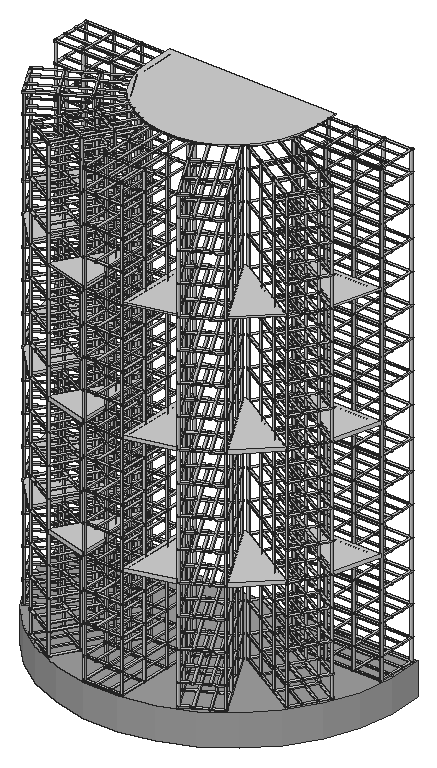
Revit family "WD26", category Specialty Equipment, Revit 2012
Parameters (values of type "Half Round Wire Wine Display (Default)")
  URL = "http://www.madixinc.com/display/maxiline/wirewine/index.html"
  Model = "Half Round Wire Wine Display"
  Manufacturer = "© 2012 Madix, Inc. All rights reserved."
Reference planes (in)
  plane 1 "Center (Front/Back)": y = 0
  plane 2: z = 0
  plane 3 "Center (Left/Right)": x = 0
  plane 4: x = 2.5
  plane 5: x = -2.5
  plane 6: through (0, 0, 48) normal (0.866, -0.5, 0)
  plane 7: y = -2.5
  plane 8: y = 2.5
  plane 9: through (0, 0, 48) normal (0.5, 0.866, 0)
  plane 10: through (0, 0, 48) normal (0.866, 0.5, 0)
  plane 11: through (2.16506, -1.25, 48) normal (0.866, -0.5, 0)
  plane 12: through (-2.16506, 1.25, 48) normal (0.866, -0.5, 0)
  plane 13: through (1.25, -2.16506, 48) normal (0.5, -0.866, 0)
  plane 14: through (-1.25, 2.16506, 48) normal (0.5, -0.866, 0)
  plane 15: through (-2.16506, -1.25, 48) normal (0.866, 0.5, 0)
  plane 16: through (2.16506, 1.25, 48) normal (0.866, 0.5, 0)
  plane 17: through (-1.25, -2.16506, 48) normal (0.5, 0.866, 0)
  plane 18: through (1.25, 2.16506, 48) normal (0.5, 0.866, 0)
  plane 19: z = 62
  plane 20: z = 62.125
  plane 21: z = 4
  plane 22: z = 18.5
  plane 23: z = 33
  plane 24: z = 48
  plane 25: z = 48.5
  plane 26: z = 33.5
  plane 27: z = 18
Forms (in)
  Extrusion 1, solid, material "Wood"
    sketch origin (0, 0, 0) x (1, 0, 0) y (0, 1, 0)
      loop
        arc (-20.78182, 3.0193) -> (0, -21) -> (20.78182, 3.0193) r 21
        line (20.78182, 3.0193) -> (-20.78182, 3.0193)
    from 0 to 4
  Extrusion 2, solid, material "Metal - Steel"
    sketch origin (0, 0, 0) x (1, 0, 0) y (0, 1, 0)
      loop
        line (10.46685, 0) -> (10.46685, 3) -> (-10.46685, 3) -> (-10.46685, 0)
        arc (-10.46685, 0) -> (0, -10.46685) -> (10.46685, 0) r 10.46685
    from 62 to 62.125
  Extrusion 3, solid, material "Metal - Steel"
    sketch origin (0, 0, 0) x (1, 0, 0) y (0, 1, 0)
      loop
        line (-9.85868, -2.80516) -> (-9.94045, -2.5) -> (-20.59885, -2.5) -> (-19.08912, -8.13436) -> (-9.85868, -2.80516)
      loop
        line (-7.35868, -7.13529) -> (-16.58912, -12.46449) -> (-12.46449, -16.58912) -> (-7.13529, -7.35868) -> (-7.35868, -7.13529)
      loop
        line (-2.5, -9.94045) -> (-2.80516, -9.85868) -> (-8.13436, -19.08912) -> (-2.5, -20.59885) -> (-2.5, -9.94045)
      loop
        line (2.5, -9.94045) -> (2.5, -20.59885) -> (8.13436, -19.08912) -> (2.80516, -9.85868) -> (2.5, -9.94045)
      loop
        line (7.35868, -7.13529) -> (7.13529, -7.35868) -> (12.46449, -16.58912) -> (16.58912, -12.46449) -> (7.35868, -7.13529)
      loop
        line (9.85868, -2.80516) -> (19.08912, -8.13436) -> (20.59885, -2.5) -> (9.94045, -2.5) -> (9.85868, -2.80516)
    from 48.2674 to 48.5
  Extrusion 4, solid, material "Metal - Steel"
    sketch origin (0, 0, 0) x (1, 0, 0) y (0, 1, 0)
      loop
        line (9.85868, -2.80516) -> (19.08912, -8.13436) -> (20.59885, -2.5) -> (9.94045, -2.5) -> (9.85868, -2.80516)
      loop
        line (7.35868, -7.13529) -> (7.13529, -7.35868) -> (12.46449, -16.58912) -> (16.58912, -12.46449) -> (7.35868, -7.13529)
      loop
        line (2.5, -9.94045) -> (2.5, -20.59885) -> (8.13436, -19.08912) -> (2.80516, -9.85868) -> (2.5, -9.94045)
      loop
        line (-2.5, -9.94045) -> (-2.80516, -9.85868) -> (-8.13436, -19.08912) -> (-2.5, -20.59885) -> (-2.5, -9.94045)
      loop
        line (-7.35868, -7.13529) -> (-16.58912, -12.46449) -> (-12.46449, -16.58912) -> (-7.13529, -7.35868) -> (-7.35868, -7.13529)
      loop
        line (-9.85868, -2.80516) -> (-9.94045, -2.5) -> (-20.59885, -2.5) -> (-19.08912, -8.13436) -> (-9.85868, -2.80516)
    from 33.5 to 33
  Extrusion 5, solid, material "Metal - Steel"
    sketch origin (0, 0, 0) x (1, 0, 0) y (0, 1, 0)
      loop
        line (20.59885, -2.5) -> (9.94045, -2.5) -> (9.85868, -2.80516) -> (19.08912, -8.13436) -> (20.59885, -2.5)
      loop
        line (12.46449, -16.58912) -> (16.58912, -12.46449) -> (7.35868, -7.13529) -> (7.13529, -7.35868) -> (12.46449, -16.58912)
      loop
        line (8.13436, -19.08912) -> (2.80516, -9.85868) -> (2.5, -9.94045) -> (2.5, -20.59885) -> (8.13436, -19.08912)
      loop
        line (-8.13436, -19.08912) -> (-2.5, -20.59885) -> (-2.5, -9.94045) -> (-2.80516, -9.85868) -> (-8.13436, -19.08912)
      loop
        line (-12.46449, -16.58912) -> (-7.13529, -7.35868) -> (-7.35868, -7.13529) -> (-16.58912, -12.46449) -> (-12.46449, -16.58912)
      loop
        line (-20.59885, -2.5) -> (-19.08912, -8.13436) -> (-9.85868, -2.80516) -> (-9.94045, -2.5) -> (-20.59885, -2.5)
    from 18 to 18.5
  Extrusion 6, solid, material "Metal - Steel"
    sketch origin (0, 0, 0) x (1, 0, 0) y (0, 1, 0)
      loop
        circle (7.08953, -7.52943) r 0.125
      loop
        circle (12.30113, -16.55618) r 0.125
      loop
        circle (10.55113, -13.52509) r 0.125
      loop
        circle (8.77703, -10.45227) r 0.125
      loop
        circle (2.97591, -9.90443) r 0.125
      loop
        circle (8.18751, -18.93118) r 0.125
      loop
        circle (6.43751, -15.90009) r 0.125
      loop
        circle (4.66341, -12.82727) r 0.125
      loop
        circle (-7.08953, -7.52943) r 0.125
      loop
        circle (-12.30113, -16.55618) r 0.125
      loop
        circle (-10.55113, -13.52509) r 0.125
      loop
        circle (-8.77703, -10.45227) r 0.125
      loop
        circle (-2.97591, -9.90443) r 0.125
      loop
        circle (-8.18751, -18.93118) r 0.125
      loop
        circle (-6.43751, -15.90009) r 0.125
      loop
        circle (-4.66341, -12.82727) r 0.125
      loop
        circle (-10.06545, -2.375) r 0.125
      loop
        circle (-20.48863, -2.375) r 0.125
      loop
        circle (-16.98863, -2.375) r 0.125
      loop
        circle (-13.44045, -2.375) r 0.125
      loop
        circle (-10.06545, 2.375) r 0.125
      loop
        circle (-20.48863, 2.375) r 0.125
      loop
        circle (-16.98863, 2.375) r 0.125
      loop
        circle (-13.44045, 2.375) r 0.125
      loop
        circle (10.06545, -2.375) r 0.125
      loop
        circle (20.48863, -2.375) r 0.125
      loop
        circle (16.98863, -2.375) r 0.125
      loop
        circle (13.44045, -2.375) r 0.125
      loop
        circle (10.06545, 2.375) r 0.125
      loop
        circle (20.48863, 2.375) r 0.125
      loop
        circle (16.98863, 2.375) r 0.125
      loop
        circle (13.44045, 2.375) r 0.125
      loop
        circle (-9.92293, -2.98659) r 0.125
      loop
        circle (-18.94968, -8.19819) r 0.125
      loop
        circle (-15.91859, -6.44819) r 0.125
      loop
        circle (-12.84577, -4.67409) r 0.125
      loop
        circle (-7.54793, -7.10021) r 0.125
      loop
        circle (-16.57468, -12.31181) r 0.125
      loop
        circle (-13.54359, -10.56181) r 0.125
      loop
        circle (-10.47077, -8.78771) r 0.125
      loop
        circle (2.375, -10.08681) r 0.125
      loop
        circle (2.375, -20.50999) r 0.125
      loop
        circle (2.375, -17.00999) r 0.125
      loop
        circle (2.375, -13.46181) r 0.125
      loop
        circle (-2.375, -10.08681) r 0.125
      loop
        circle (-2.375, -20.50999) r 0.125
      loop
        circle (-2.375, -17.00999) r 0.125
      loop
        circle (-2.375, -13.46181) r 0.125
      loop
        circle (7.54793, -7.10021) r 0.125
      loop
        circle (16.57468, -12.31181) r 0.125
      loop
        circle (13.54359, -10.56181) r 0.125
      loop
        circle (10.47077, -8.78771) r 0.125
      loop
        circle (9.92293, -2.98659) r 0.125
      loop
        circle (18.94968, -8.19819) r 0.125
      loop
        circle (15.91859, -6.44819) r 0.125
      loop
        circle (12.84577, -4.67409) r 0.125
    from 4 to 62
  Sweep 7, solid, material "Metal - Steel"
    path origin (-0.02064, 0, 0) x (0, 1, 0) y (1, 0, 0)
      loop
        line (-2.5, 20.59885) -> (2.5, 20.59885)
    profile origin (20.57821, 0, 0) x (-1, 0, 0) y (0, 0, 1)
      loop
        circle (10.51322, 4.125) r 0.125
      loop
        circle (7.01322, 4.125) r 0.12412
      loop
        circle (3.46385, 4.125) r 0.125
      loop
        circle (0.08885, 4.125) r 0.125
      loop
        circle (10.51322, 6.875) r 0.125
      loop
        circle (7.01322, 6.875) r 0.12412
      loop
        circle (3.46385, 6.875) r 0.125
      loop
        circle (0.08885, 6.875) r 0.125
      loop
        circle (10.51322, 10.625) r 0.125
      loop
        circle (7.01322, 10.625) r 0.12412
      loop
        circle (3.46385, 10.625) r 0.125
      loop
        circle (0.08885, 10.625) r 0.125
      loop
        circle (10.51322, 14.375) r 0.125
      loop
        circle (7.01322, 14.375) r 0.12412
      loop
        circle (3.46385, 14.375) r 0.125
      loop
        circle (0.08885, 14.375) r 0.125
      loop
        circle (10.51322, 18.125) r 0.125
      loop
        circle (7.01322, 18.125) r 0.12412
      loop
        circle (3.46385, 18.125) r 0.125
      loop
        circle (0.08885, 18.125) r 0.125
      loop
        circle (10.51322, 21.875) r 0.125
      loop
        circle (7.01322, 21.875) r 0.12412
      loop
        circle (3.46385, 21.875) r 0.125
      loop
        circle (0.08885, 21.875) r 0.125
      loop
        circle (10.51322, 25.625) r 0.125
      loop
        circle (7.01322, 25.625) r 0.12412
      loop
        circle (3.46385, 25.625) r 0.125
      loop
        circle (0.08885, 25.625) r 0.125
      loop
        circle (10.51322, 29.375) r 0.125
      loop
        circle (7.01322, 29.375) r 0.12412
      loop
        circle (3.46385, 29.375) r 0.125
      loop
        circle (0.08885, 29.375) r 0.125
      loop
        circle (10.51322, 33.125) r 0.125
      loop
        circle (7.01322, 33.125) r 0.12412
      loop
        circle (3.46385, 33.125) r 0.125
      loop
        circle (0.08885, 33.125) r 0.125
      loop
        circle (10.51322, 36.875) r 0.125
      loop
        circle (7.01322, 36.875) r 0.12412
      loop
        circle (3.46385, 36.875) r 0.125
      loop
        circle (0.08885, 36.875) r 0.125
      loop
        circle (10.51322, 40.625) r 0.125
      loop
        circle (7.01322, 40.625) r 0.12412
      loop
        circle (3.46385, 40.625) r 0.125
      loop
        circle (0.08885, 40.625) r 0.125
      loop
        circle (10.51322, 44.375) r 0.125
      loop
        circle (7.01322, 44.375) r 0.12412
      loop
        circle (3.46385, 44.375) r 0.125
      loop
        circle (0.08885, 44.375) r 0.125
      loop
        circle (10.51322, 48.125) r 0.125
      loop
        circle (7.01322, 48.125) r 0.12412
      loop
        circle (3.46385, 48.125) r 0.125
      loop
        circle (0.08885, 48.125) r 0.125
      loop
        circle (10.51322, 51.875) r 0.125
      loop
        circle (7.01322, 51.875) r 0.12412
      loop
        circle (3.46385, 51.875) r 0.125
      loop
        circle (0.08885, 51.875) r 0.125
      loop
        circle (10.51322, 55.625) r 0.125
      loop
        circle (7.01322, 55.625) r 0.12412
      loop
        circle (3.46385, 55.625) r 0.125
      loop
        circle (0.08885, 55.625) r 0.125
      loop
        circle (10.51322, 59.375) r 0.125
      loop
        circle (7.01322, 59.375) r 0.12412
      loop
        circle (3.46385, 59.375) r 0.125
      loop
        circle (0.08885, 59.375) r 0.125
      loop
        circle (10.51322, 61.875) r 0.125
      loop
        circle (7.01322, 61.875) r 0.12412
      loop
        circle (3.46385, 61.875) r 0.125
      loop
        circle (0.08885, 61.875) r 0.125
  Sweep 8, solid, material "Metal - Steel"
    path origin (0, 0, 0) x (-1, 0, 0) y (0, -1, 0)
      loop
        line (-2.5, 20.59885) -> (2.5, 20.59885)
    profile origin (0, -20.59885, 0) x (0, -1, 0) y (0, 0, 1)
      loop
        circle (-10.51322, 4.125) r 0.125
      loop
        circle (-7.01322, 4.125) r 0.12412
      loop
        circle (-3.46385, 4.125) r 0.125
      loop
        circle (-0.08885, 4.125) r 0.125
      loop
        circle (-10.51322, 6.875) r 0.125
      loop
        circle (-7.01322, 6.875) r 0.12412
      loop
        circle (-3.46385, 6.875) r 0.125
      loop
        circle (-0.08885, 6.875) r 0.125
      loop
        circle (-10.51322, 10.625) r 0.125
      loop
        circle (-7.01322, 10.625) r 0.12412
      loop
        circle (-3.46385, 10.625) r 0.125
      loop
        circle (-0.08885, 10.625) r 0.125
      loop
        circle (-10.51322, 14.375) r 0.125
      loop
        circle (-7.01322, 14.375) r 0.12412
      loop
        circle (-3.46385, 14.375) r 0.125
      loop
        circle (-0.08885, 14.375) r 0.125
      loop
        circle (-10.51322, 18.125) r 0.125
      loop
        circle (-7.01322, 18.125) r 0.12412
      loop
        circle (-3.46385, 18.125) r 0.125
      loop
        circle (-0.08885, 18.125) r 0.125
      loop
        circle (-10.51322, 21.875) r 0.125
      loop
        circle (-7.01322, 21.875) r 0.12412
      loop
        circle (-3.46385, 21.875) r 0.125
      loop
        circle (-0.08885, 21.875) r 0.125
      loop
        circle (-10.51322, 25.625) r 0.125
      loop
        circle (-7.01322, 25.625) r 0.12412
      loop
        circle (-3.46385, 25.625) r 0.125
      loop
        circle (-0.08885, 25.625) r 0.125
      loop
        circle (-10.51322, 29.375) r 0.125
      loop
        circle (-7.01322, 29.375) r 0.12412
      loop
        circle (-3.46385, 29.375) r 0.125
      loop
        circle (-0.08885, 29.375) r 0.125
      loop
        circle (-10.51322, 33.125) r 0.125
      loop
        circle (-7.01322, 33.125) r 0.12412
      loop
        circle (-3.46385, 33.125) r 0.125
      loop
        circle (-0.08885, 33.125) r 0.125
      loop
        circle (-10.51322, 36.875) r 0.125
      loop
        circle (-7.01322, 36.875) r 0.12412
      loop
        circle (-3.46385, 36.875) r 0.125
      loop
        circle (-0.08885, 36.875) r 0.125
      loop
        circle (-10.51322, 40.625) r 0.125
      loop
        circle (-7.01322, 40.625) r 0.12412
      loop
        circle (-3.46385, 40.625) r 0.125
      loop
        circle (-0.08885, 40.625) r 0.125
      loop
        circle (-10.51322, 44.375) r 0.125
      loop
        circle (-7.01322, 44.375) r 0.12412
      loop
        circle (-3.46385, 44.375) r 0.125
      loop
        circle (-0.08885, 44.375) r 0.125
      loop
        circle (-10.51322, 48.125) r 0.125
      loop
        circle (-7.01322, 48.125) r 0.12412
      loop
        circle (-3.46385, 48.125) r 0.125
      loop
        circle (-0.08885, 48.125) r 0.125
      loop
        circle (-10.51322, 51.875) r 0.125
      loop
        circle (-7.01322, 51.875) r 0.12412
      loop
        circle (-3.46385, 51.875) r 0.125
      loop
        circle (-0.08885, 51.875) r 0.125
      loop
        circle (-10.51322, 55.625) r 0.125
      loop
        circle (-7.01322, 55.625) r 0.12412
      loop
        circle (-3.46385, 55.625) r 0.125
      loop
        circle (-0.08885, 55.625) r 0.125
      loop
        circle (-10.51322, 59.375) r 0.125
      loop
        circle (-7.01322, 59.375) r 0.12412
      loop
        circle (-3.46385, 59.375) r 0.125
      loop
        circle (-0.08885, 59.375) r 0.125
      loop
        circle (-10.51322, 61.875) r 0.125
      loop
        circle (-7.01322, 61.875) r 0.12412
      loop
        circle (-3.46385, 61.875) r 0.125
      loop
        circle (-0.08885, 61.875) r 0.125
  Sweep 9, solid, material "Metal - Steel"
    path origin (-0.01032, 0.01787, 0) x (-0.866025, -0.5, 0) y (0.5, -0.866025, 0)
      loop
        line (-2.5, 20.59885) -> (2.5, 20.59885)
    profile origin (10.28911, -17.82125, 0) x (0.5, -0.866025, 0) y (0, 0, 1)
      loop
        circle (-10.51322, 4.125) r 0.125
      loop
        circle (-7.01322, 4.125) r 0.12412
      loop
        circle (-3.46385, 4.125) r 0.125
      loop
        circle (-0.08885, 4.125) r 0.125
      loop
        circle (-10.51322, 6.875) r 0.125
      loop
        circle (-7.01322, 6.875) r 0.12412
      loop
        circle (-3.46385, 6.875) r 0.125
      loop
        circle (-0.08885, 6.875) r 0.125
      loop
        circle (-10.51322, 10.625) r 0.125
      loop
        circle (-7.01322, 10.625) r 0.12412
      loop
        circle (-3.46385, 10.625) r 0.125
      loop
        circle (-0.08885, 10.625) r 0.125
      loop
        circle (-10.51322, 14.375) r 0.125
      loop
        circle (-7.01322, 14.375) r 0.12412
      loop
        circle (-3.46385, 14.375) r 0.125
      loop
        circle (-0.08885, 14.375) r 0.125
      loop
        circle (-10.51322, 18.125) r 0.125
      loop
        circle (-7.01322, 18.125) r 0.12412
      loop
        circle (-3.46385, 18.125) r 0.125
      loop
        circle (-0.08885, 18.125) r 0.125
      loop
        circle (-10.51322, 21.875) r 0.125
      loop
        circle (-7.01322, 21.875) r 0.12412
      loop
        circle (-3.46385, 21.875) r 0.125
      loop
        circle (-0.08885, 21.875) r 0.125
      loop
        circle (-10.51322, 25.625) r 0.125
      loop
        circle (-7.01322, 25.625) r 0.12412
      loop
        circle (-3.46385, 25.625) r 0.125
      loop
        circle (-0.08885, 25.625) r 0.125
      loop
        circle (-10.51322, 29.375) r 0.125
      loop
        circle (-7.01322, 29.375) r 0.12412
      loop
        circle (-3.46385, 29.375) r 0.125
      loop
        circle (-0.08885, 29.375) r 0.125
      loop
        circle (-10.51322, 33.125) r 0.125
      loop
        circle (-7.01322, 33.125) r 0.12412
      loop
        circle (-3.46385, 33.125) r 0.125
      loop
        circle (-0.08885, 33.125) r 0.125
      loop
        circle (-10.51322, 36.875) r 0.125
      loop
        circle (-7.01322, 36.875) r 0.12412
      loop
        circle (-3.46385, 36.875) r 0.125
      loop
        circle (-0.08885, 36.875) r 0.125
      loop
        circle (-10.51322, 40.625) r 0.125
      loop
        circle (-7.01322, 40.625) r 0.12412
      loop
        circle (-3.46385, 40.625) r 0.125
      loop
        circle (-0.08885, 40.625) r 0.125
      loop
        circle (-10.51322, 44.375) r 0.125
      loop
        circle (-7.01322, 44.375) r 0.12412
      loop
        circle (-3.46385, 44.375) r 0.125
      loop
        circle (-0.08885, 44.375) r 0.125
      loop
        circle (-10.51322, 48.125) r 0.125
      loop
        circle (-7.01322, 48.125) r 0.12412
      loop
        circle (-3.46385, 48.125) r 0.125
      loop
        circle (-0.08885, 48.125) r 0.125
      loop
        circle (-10.51322, 51.875) r 0.125
      loop
        circle (-7.01322, 51.875) r 0.12412
      loop
        circle (-3.46385, 51.875) r 0.125
      loop
        circle (-0.08885, 51.875) r 0.125
      loop
        circle (-10.51322, 55.625) r 0.125
      loop
        circle (-7.01322, 55.625) r 0.12412
      loop
        circle (-3.46385, 55.625) r 0.125
      loop
        circle (-0.08885, 55.625) r 0.125
      loop
        circle (-10.51322, 59.375) r 0.125
      loop
        circle (-7.01322, 59.375) r 0.12412
      loop
        circle (-3.46385, 59.375) r 0.125
      loop
        circle (-0.08885, 59.375) r 0.125
      loop
        circle (-10.51322, 61.875) r 0.125
      loop
        circle (-7.01322, 61.875) r 0.12412
      loop
        circle (-3.46385, 61.875) r 0.125
      loop
        circle (-0.08885, 61.875) r 0.125
  Sweep 10, solid, material "Metal - Steel"
    path origin (0, 0, 0) x (0.5, -0.866025, 0) y (-0.866025, -0.5, 0)
      loop
        line (-2.5, 20.59885) -> (2.5, 20.59885)
    profile origin (-17.83912, -10.29942, 0) x (0.866025, 0.5, 0) y (0, 0, 1)
      loop
        circle (10.51322, 4.125) r 0.125
      loop
        circle (7.01322, 4.125) r 0.12412
      loop
        circle (3.46385, 4.125) r 0.125
      loop
        circle (0.08885, 4.125) r 0.125
      loop
        circle (10.51322, 6.875) r 0.125
      loop
        circle (7.01322, 6.875) r 0.12412
      loop
        circle (3.46385, 6.875) r 0.125
      loop
        circle (0.08885, 6.875) r 0.125
      loop
        circle (10.51322, 10.625) r 0.125
      loop
        circle (7.01322, 10.625) r 0.12412
      loop
        circle (3.46385, 10.625) r 0.125
      loop
        circle (0.08885, 10.625) r 0.125
      loop
        circle (10.51322, 14.375) r 0.125
      loop
        circle (7.01322, 14.375) r 0.12412
      loop
        circle (3.46385, 14.375) r 0.125
      loop
        circle (0.08885, 14.375) r 0.125
      loop
        circle (10.51322, 18.125) r 0.125
      loop
        circle (7.01322, 18.125) r 0.12412
      loop
        circle (3.46385, 18.125) r 0.125
      loop
        circle (0.08885, 18.125) r 0.125
      loop
        circle (10.51322, 21.875) r 0.125
      loop
        circle (7.01322, 21.875) r 0.12412
      loop
        circle (3.46385, 21.875) r 0.125
      loop
        circle (0.08885, 21.875) r 0.125
      loop
        circle (10.51322, 25.625) r 0.125
      loop
        circle (7.01322, 25.625) r 0.12412
      loop
        circle (3.46385, 25.625) r 0.125
      loop
        circle (0.08885, 25.625) r 0.125
      loop
        circle (10.51322, 29.375) r 0.125
      loop
        circle (7.01322, 29.375) r 0.12412
      loop
        circle (3.46385, 29.375) r 0.125
      loop
        circle (0.08885, 29.375) r 0.125
      loop
        circle (10.51322, 33.125) r 0.125
      loop
        circle (7.01322, 33.125) r 0.12412
      loop
        circle (3.46385, 33.125) r 0.125
      loop
        circle (0.08885, 33.125) r 0.125
      loop
        circle (10.51322, 36.875) r 0.125
      loop
        circle (7.01322, 36.875) r 0.12412
      loop
        circle (3.46385, 36.875) r 0.125
      loop
        circle (0.08885, 36.875) r 0.125
      loop
        circle (10.51322, 40.625) r 0.125
      loop
        circle (7.01322, 40.625) r 0.12412
      loop
        circle (3.46385, 40.625) r 0.125
      loop
        circle (0.08885, 40.625) r 0.125
      loop
        circle (10.51322, 44.375) r 0.125
      loop
        circle (7.01322, 44.375) r 0.12412
      loop
        circle (3.46385, 44.375) r 0.125
      loop
        circle (0.08885, 44.375) r 0.125
      loop
        circle (10.51322, 48.125) r 0.125
      loop
        circle (7.01322, 48.125) r 0.12412
      loop
        circle (3.46385, 48.125) r 0.125
      loop
        circle (0.08885, 48.125) r 0.125
      loop
        circle (10.51322, 51.875) r 0.125
      loop
        circle (7.01322, 51.875) r 0.12412
      loop
        circle (3.46385, 51.875) r 0.125
      loop
        circle (0.08885, 51.875) r 0.125
      loop
        circle (10.51322, 55.625) r 0.125
      loop
        circle (7.01322, 55.625) r 0.12412
      loop
        circle (3.46385, 55.625) r 0.125
      loop
        circle (0.08885, 55.625) r 0.125
      loop
        circle (10.51322, 59.375) r 0.125
      loop
        circle (7.01322, 59.375) r 0.12412
      loop
        circle (3.46385, 59.375) r 0.125
      loop
        circle (0.08885, 59.375) r 0.125
      loop
        circle (10.51322, 61.875) r 0.125
      loop
        circle (7.01322, 61.875) r 0.12412
      loop
        circle (3.46385, 61.875) r 0.125
      loop
        circle (0.08885, 61.875) r 0.125
  Sweep 11, solid, material "Metal - Steel"
    path origin (0.02064, 0, 0) x (0, -1, 0) y (-1, 0, 0)
      loop
        line (-2.5, 20.59885) -> (2.5, 20.59885)
    profile origin (-20.57821, 0, 0) x (1, 0, 0) y (0, 0, 1)
      loop
        circle (10.51322, 4.125) r 0.125
      loop
        circle (7.01322, 4.125) r 0.12412
      loop
        circle (3.46385, 4.125) r 0.125
      loop
        circle (0.08885, 4.125) r 0.125
      loop
        circle (10.51322, 6.875) r 0.125
      loop
        circle (7.01322, 6.875) r 0.12412
      loop
        circle (3.46385, 6.875) r 0.125
      loop
        circle (0.08885, 6.875) r 0.125
      loop
        circle (10.51322, 10.625) r 0.125
      loop
        circle (7.01322, 10.625) r 0.12412
      loop
        circle (3.46385, 10.625) r 0.125
      loop
        circle (0.08885, 10.625) r 0.125
      loop
        circle (10.51322, 14.375) r 0.125
      loop
        circle (7.01322, 14.375) r 0.12412
      loop
        circle (3.46385, 14.375) r 0.125
      loop
        circle (0.08885, 14.375) r 0.125
      loop
        circle (10.51322, 18.125) r 0.125
      loop
        circle (7.01322, 18.125) r 0.12412
      loop
        circle (3.46385, 18.125) r 0.125
      loop
        circle (0.08885, 18.125) r 0.125
      loop
        circle (10.51322, 21.875) r 0.125
      loop
        circle (7.01322, 21.875) r 0.12412
      loop
        circle (3.46385, 21.875) r 0.125
      loop
        circle (0.08885, 21.875) r 0.125
      loop
        circle (10.51322, 25.625) r 0.125
      loop
        circle (7.01322, 25.625) r 0.12412
      loop
        circle (3.46385, 25.625) r 0.125
      loop
        circle (0.08885, 25.625) r 0.125
      loop
        circle (10.51322, 29.375) r 0.125
      loop
        circle (7.01322, 29.375) r 0.12412
      loop
        circle (3.46385, 29.375) r 0.125
      loop
        circle (0.08885, 29.375) r 0.125
      loop
        circle (10.51322, 33.125) r 0.125
      loop
        circle (7.01322, 33.125) r 0.12412
      loop
        circle (3.46385, 33.125) r 0.125
      loop
        circle (0.08885, 33.125) r 0.125
      loop
        circle (10.51322, 36.875) r 0.125
      loop
        circle (7.01322, 36.875) r 0.12412
      loop
        circle (3.46385, 36.875) r 0.125
      loop
        circle (0.08885, 36.875) r 0.125
      loop
        circle (10.51322, 40.625) r 0.125
      loop
        circle (7.01322, 40.625) r 0.12412
      loop
        circle (3.46385, 40.625) r 0.125
      loop
        circle (0.08885, 40.625) r 0.125
      loop
        circle (10.51322, 44.375) r 0.125
      loop
        circle (7.01322, 44.375) r 0.12412
      loop
        circle (3.46385, 44.375) r 0.125
      loop
        circle (0.08885, 44.375) r 0.125
      loop
        circle (10.51322, 48.125) r 0.125
      loop
        circle (7.01322, 48.125) r 0.12412
      loop
        circle (3.46385, 48.125) r 0.125
      loop
        circle (0.08885, 48.125) r 0.125
      loop
        circle (10.51322, 51.875) r 0.125
      loop
        circle (7.01322, 51.875) r 0.12412
      loop
        circle (3.46385, 51.875) r 0.125
      loop
        circle (0.08885, 51.875) r 0.125
      loop
        circle (10.51322, 55.625) r 0.125
      loop
        circle (7.01322, 55.625) r 0.12412
      loop
        circle (3.46385, 55.625) r 0.125
      loop
        circle (0.08885, 55.625) r 0.125
      loop
        circle (10.51322, 59.375) r 0.125
      loop
        circle (7.01322, 59.375) r 0.12412
      loop
        circle (3.46385, 59.375) r 0.125
      loop
        circle (0.08885, 59.375) r 0.125
      loop
        circle (10.51322, 61.875) r 0.125
      loop
        circle (7.01322, 61.875) r 0.12412
      loop
        circle (3.46385, 61.875) r 0.125
      loop
        circle (0.08885, 61.875) r 0.125
  Sweep 12, solid, material "Metal - Steel"
    path origin (0, 0, 0) x (-0.5, -0.866025, 0) y (0.866025, -0.5, 0)
      loop
        line (-2.5, 20.59885) -> (2.5, 20.59885)
    profile origin (17.83912, -10.29942, 0) x (0.866025, -0.5, 0) y (0, 0, 1)
      loop
        circle (-10.51322, 4.125) r 0.125
      loop
        circle (-7.01322, 4.125) r 0.12412
      loop
        circle (-3.46385, 4.125) r 0.125
      loop
        circle (-0.08885, 4.125) r 0.125
      loop
        circle (-10.51322, 6.875) r 0.125
      loop
        circle (-7.01322, 6.875) r 0.12412
      loop
        circle (-3.46385, 6.875) r 0.125
      loop
        circle (-0.08885, 6.875) r 0.125
      loop
        circle (-10.51322, 10.625) r 0.125
      loop
        circle (-7.01322, 10.625) r 0.12412
      loop
        circle (-3.46385, 10.625) r 0.125
      loop
        circle (-0.08885, 10.625) r 0.125
      loop
        circle (-10.51322, 14.375) r 0.125
      loop
        circle (-7.01322, 14.375) r 0.12412
      loop
        circle (-3.46385, 14.375) r 0.125
      loop
        circle (-0.08885, 14.375) r 0.125
      loop
        circle (-10.51322, 18.125) r 0.125
      loop
        circle (-7.01322, 18.125) r 0.12412
      loop
        circle (-3.46385, 18.125) r 0.125
      loop
        circle (-0.08885, 18.125) r 0.125
      loop
        circle (-10.51322, 21.875) r 0.125
      loop
        circle (-7.01322, 21.875) r 0.12412
      loop
        circle (-3.46385, 21.875) r 0.125
      loop
        circle (-0.08885, 21.875) r 0.125
      loop
        circle (-10.51322, 25.625) r 0.125
      loop
        circle (-7.01322, 25.625) r 0.12412
      loop
        circle (-3.46385, 25.625) r 0.125
      loop
        circle (-0.08885, 25.625) r 0.125
      loop
        circle (-10.51322, 29.375) r 0.125
      loop
        circle (-7.01322, 29.375) r 0.12412
      loop
        circle (-3.46385, 29.375) r 0.125
      loop
        circle (-0.08885, 29.375) r 0.125
      loop
        circle (-10.51322, 33.125) r 0.125
      loop
        circle (-7.01322, 33.125) r 0.12412
      loop
        circle (-3.46385, 33.125) r 0.125
      loop
        circle (-0.08885, 33.125) r 0.125
      loop
        circle (-10.51322, 36.875) r 0.125
      loop
        circle (-7.01322, 36.875) r 0.12412
      loop
        circle (-3.46385, 36.875) r 0.125
      loop
        circle (-0.08885, 36.875) r 0.125
      loop
        circle (-10.51322, 40.625) r 0.125
      loop
        circle (-7.01322, 40.625) r 0.12412
      loop
        circle (-3.46385, 40.625) r 0.125
      loop
        circle (-0.08885, 40.625) r 0.125
      loop
        circle (-10.51322, 44.375) r 0.125
      loop
        circle (-7.01322, 44.375) r 0.12412
      loop
        circle (-3.46385, 44.375) r 0.125
      loop
        circle (-0.08885, 44.375) r 0.125
      loop
        circle (-10.51322, 48.125) r 0.125
      loop
        circle (-7.01322, 48.125) r 0.12412
      loop
        circle (-3.46385, 48.125) r 0.125
      loop
        circle (-0.08885, 48.125) r 0.125
      loop
        circle (-10.51322, 51.875) r 0.125
      loop
        circle (-7.01322, 51.875) r 0.12412
      loop
        circle (-3.46385, 51.875) r 0.125
      loop
        circle (-0.08885, 51.875) r 0.125
      loop
        circle (-10.51322, 55.625) r 0.125
      loop
        circle (-7.01322, 55.625) r 0.12412
      loop
        circle (-3.46385, 55.625) r 0.125
      loop
        circle (-0.08885, 55.625) r 0.125
      loop
        circle (-10.51322, 59.375) r 0.125
      loop
        circle (-7.01322, 59.375) r 0.12412
      loop
        circle (-3.46385, 59.375) r 0.125
      loop
        circle (-0.08885, 59.375) r 0.125
      loop
        circle (-10.51322, 61.875) r 0.125
      loop
        circle (-7.01322, 61.875) r 0.12412
      loop
        circle (-3.46385, 61.875) r 0.125
      loop
        circle (-0.08885, 61.875) r 0.125
  Sweep 13, solid, material "Metal - Steel"
    path origin (0.01032, 0.01787, 0) x (0.866025, -0.5, 0) y (-0.5, -0.866025, 0)
      loop
        line (-2.5, 20.59885) -> (2.5, 20.59885)
    profile origin (-10.28911, -17.82125, 0) x (0.5, 0.866025, 0) y (0, 0, 1)
      loop
        circle (10.51322, 4.125) r 0.125
      loop
        circle (7.01322, 4.125) r 0.12412
      loop
        circle (3.46385, 4.125) r 0.125
      loop
        circle (0.08885, 4.125) r 0.125
      loop
        circle (10.51322, 6.875) r 0.125
      loop
        circle (7.01322, 6.875) r 0.12412
      loop
        circle (3.46385, 6.875) r 0.125
      loop
        circle (0.08885, 6.875) r 0.125
      loop
        circle (10.51322, 10.625) r 0.125
      loop
        circle (7.01322, 10.625) r 0.12412
      loop
        circle (3.46385, 10.625) r 0.125
      loop
        circle (0.08885, 10.625) r 0.125
      loop
        circle (10.51322, 14.375) r 0.125
      loop
        circle (7.01322, 14.375) r 0.12412
      loop
        circle (3.46385, 14.375) r 0.125
      loop
        circle (0.08885, 14.375) r 0.125
      loop
        circle (10.51322, 18.125) r 0.125
      loop
        circle (7.01322, 18.125) r 0.12412
      loop
        circle (3.46385, 18.125) r 0.125
      loop
        circle (0.08885, 18.125) r 0.125
      loop
        circle (10.51322, 21.875) r 0.125
      loop
        circle (7.01322, 21.875) r 0.12412
      loop
        circle (3.46385, 21.875) r 0.125
      loop
        circle (0.08885, 21.875) r 0.125
      loop
        circle (10.51322, 25.625) r 0.125
      loop
        circle (7.01322, 25.625) r 0.12412
      loop
        circle (3.46385, 25.625) r 0.125
      loop
        circle (0.08885, 25.625) r 0.125
      loop
        circle (10.51322, 29.375) r 0.125
      loop
        circle (7.01322, 29.375) r 0.12412
      loop
        circle (3.46385, 29.375) r 0.125
      loop
        circle (0.08885, 29.375) r 0.125
      loop
        circle (10.51322, 33.125) r 0.125
      loop
        circle (7.01322, 33.125) r 0.12412
      loop
        circle (3.46385, 33.125) r 0.125
      loop
        circle (0.08885, 33.125) r 0.125
      loop
        circle (10.51322, 36.875) r 0.125
      loop
        circle (7.01322, 36.875) r 0.12412
      loop
        circle (3.46385, 36.875) r 0.125
      loop
        circle (0.08885, 36.875) r 0.125
      loop
        circle (10.51322, 40.625) r 0.125
      loop
        circle (7.01322, 40.625) r 0.12412
      loop
        circle (3.46385, 40.625) r 0.125
      loop
        circle (0.08885, 40.625) r 0.125
      loop
        circle (10.51322, 44.375) r 0.125
      loop
        circle (7.01322, 44.375) r 0.12412
      loop
        circle (3.46385, 44.375) r 0.125
      loop
        circle (0.08885, 44.375) r 0.125
      loop
        circle (10.51322, 48.125) r 0.125
      loop
        circle (7.01322, 48.125) r 0.12412
      loop
        circle (3.46385, 48.125) r 0.125
      loop
        circle (0.08885, 48.125) r 0.125
      loop
        circle (10.51322, 51.875) r 0.125
      loop
        circle (7.01322, 51.875) r 0.12412
      loop
        circle (3.46385, 51.875) r 0.125
      loop
        circle (0.08885, 51.875) r 0.125
      loop
        circle (10.51322, 55.625) r 0.125
      loop
        circle (7.01322, 55.625) r 0.12412
      loop
        circle (3.46385, 55.625) r 0.125
      loop
        circle (0.08885, 55.625) r 0.125
      loop
        circle (10.51322, 59.375) r 0.125
      loop
        circle (7.01322, 59.375) r 0.12412
      loop
        circle (3.46385, 59.375) r 0.125
      loop
        circle (0.08885, 59.375) r 0.125
      loop
        circle (10.51322, 61.875) r 0.125
      loop
        circle (7.01322, 61.875) r 0.12412
      loop
        circle (3.46385, 61.875) r 0.125
      loop
        circle (0.08885, 61.875) r 0.125
  Extrusion 14, solid, material "Metal - Steel"
    sketch origin (0, 0, 0) x (1, 0, 0) y (0, 0, 1)
      loop
        circle (0.85825, 61.875) r 0.125
      loop
        circle (-2.39175, 61.875) r 0.125
      loop
        circle (2.39175, 61.875) r 0.125
      loop
        circle (-0.85825, 61.875) r 0.125
      loop
        circle (0.87087, 59.36469) r 0.125
      loop
        circle (-2.37913, 59.36469) r 0.125
      loop
        circle (2.40436, 59.36469) r 0.125
      loop
        circle (-0.84564, 59.36469) r 0.125
      loop
        circle (0.87087, 55.61469) r 0.125
      loop
        circle (-2.37913, 55.61469) r 0.125
      loop
        circle (2.40436, 55.61469) r 0.125
      loop
        circle (-0.84564, 55.61469) r 0.125
      loop
        circle (0.87087, 51.86469) r 0.125
      loop
        circle (-2.37913, 51.86469) r 0.125
      loop
        circle (2.40436, 51.86469) r 0.125
      loop
        circle (-0.84564, 51.86469) r 0.125
      loop
        circle (0.87087, 48.11469) r 0.125
      loop
        circle (-2.37913, 48.11469) r 0.125
      loop
        circle (2.40436, 48.11469) r 0.125
      loop
        circle (-0.84564, 48.11469) r 0.125
      loop
        circle (0.87087, 44.36469) r 0.125
      loop
        circle (-2.37913, 44.36469) r 0.125
      loop
        circle (2.40436, 44.36469) r 0.125
      loop
        circle (-0.84564, 44.36469) r 0.125
      loop
        circle (0.87087, 40.61469) r 0.125
      loop
        circle (-2.37913, 40.61469) r 0.125
      loop
        circle (2.40436, 40.61469) r 0.125
      loop
        circle (-0.84564, 40.61469) r 0.125
      loop
        circle (0.87087, 36.86469) r 0.125
      loop
        circle (-2.37913, 36.86469) r 0.125
      loop
        circle (2.40436, 36.86469) r 0.125
      loop
        circle (-0.84564, 36.86469) r 0.125
      loop
        circle (0.87087, 33.11469) r 0.125
      loop
        circle (-2.37913, 33.11469) r 0.125
      loop
        circle (2.40436, 33.11469) r 0.125
      loop
        circle (-0.84564, 33.11469) r 0.125
      loop
        circle (0.87087, 29.36469) r 0.125
      loop
        circle (-2.37913, 29.36469) r 0.125
      loop
        circle (2.40436, 29.36469) r 0.125
      loop
        circle (-0.84564, 29.36469) r 0.125
      loop
        circle (0.87087, 25.61469) r 0.125
      loop
        circle (-2.37913, 25.61469) r 0.125
      loop
        circle (2.40436, 25.61469) r 0.125
      loop
        circle (-0.84564, 25.61469) r 0.125
      loop
        circle (0.87087, 21.86469) r 0.125
      loop
        circle (-2.37913, 21.86469) r 0.125
      loop
        circle (2.40436, 21.86469) r 0.125
      loop
        circle (-0.84564, 21.86469) r 0.125
      loop
        circle (0.87087, 18.11469) r 0.125
      loop
        circle (-2.37913, 18.11469) r 0.125
      loop
        circle (2.40436, 18.11469) r 0.125
      loop
        circle (-0.84564, 18.11469) r 0.125
      loop
        circle (0.87087, 14.36469) r 0.125
      loop
        circle (-2.37913, 14.36469) r 0.125
      loop
        circle (2.40436, 14.36469) r 0.125
      loop
        circle (-0.84564, 14.36469) r 0.125
      loop
        circle (0.87087, 10.61469) r 0.125
      loop
        circle (-2.37913, 10.61469) r 0.125
      loop
        circle (2.40436, 10.61469) r 0.125
      loop
        circle (-0.84564, 10.61469) r 0.125
      loop
        circle (0.87087, 6.86469) r 0.125
      loop
        circle (-2.37913, 6.86469) r 0.125
      loop
        circle (2.40436, 6.86469) r 0.125
      loop
        circle (-0.84564, 6.86469) r 0.125
      loop
        circle (0.87087, 4.11469) r 0.125
      loop
        circle (-2.37913, 4.11469) r 0.125
      loop
        circle (2.40436, 4.11469) r 0.125
      loop
        circle (-0.84564, 4.11469) r 0.125
    from 9.96511 to 20.63382
  Extrusion 15, solid, material "Metal - Steel"
    sketch origin (0, 0, 0) x (-0.5, -0.866025, 0) y (0, 0, -1)
      loop
        circle (0.85825, -61.875) r 0.125
      loop
        circle (-2.39175, -61.875) r 0.125
      loop
        circle (2.39175, -61.875) r 0.125
      loop
        circle (-0.85825, -61.875) r 0.125
      loop
        circle (0.87087, -59.36469) r 0.125
      loop
        circle (-2.37913, -59.36469) r 0.125
      loop
        circle (2.40436, -59.36469) r 0.125
      loop
        circle (-0.84564, -59.36469) r 0.125
      loop
        circle (0.87087, -55.61469) r 0.125
      loop
        circle (-2.37913, -55.61469) r 0.125
      loop
        circle (2.40436, -55.61469) r 0.125
      loop
        circle (-0.84564, -55.61469) r 0.125
      loop
        circle (0.87087, -51.86469) r 0.125
      loop
        circle (-2.37913, -51.86469) r 0.125
      loop
        circle (2.40436, -51.86469) r 0.125
      loop
        circle (-0.84564, -51.86469) r 0.125
      loop
        circle (0.87087, -48.11469) r 0.125
      loop
        circle (-2.37913, -48.11469) r 0.125
      loop
        circle (2.40436, -48.11469) r 0.125
      loop
        circle (-0.84564, -48.11469) r 0.125
      loop
        circle (0.87087, -44.36469) r 0.125
      loop
        circle (-2.37913, -44.36469) r 0.125
      loop
        circle (2.40436, -44.36469) r 0.125
      loop
        circle (-0.84564, -44.36469) r 0.125
      loop
        circle (0.87087, -40.61469) r 0.125
      loop
        circle (-2.37913, -40.61469) r 0.125
      loop
        circle (2.40436, -40.61469) r 0.125
      loop
        circle (-0.84564, -40.61469) r 0.125
      loop
        circle (0.87087, -36.86469) r 0.125
      loop
        circle (-2.37913, -36.86469) r 0.125
      loop
        circle (2.40436, -36.86469) r 0.125
      loop
        circle (-0.84564, -36.86469) r 0.125
      loop
        circle (0.87087, -33.11469) r 0.125
      loop
        circle (-2.37913, -33.11469) r 0.125
      loop
        circle (2.40436, -33.11469) r 0.125
      loop
        circle (-0.84564, -33.11469) r 0.125
      loop
        circle (0.87087, -29.36469) r 0.125
      loop
        circle (-2.37913, -29.36469) r 0.125
      loop
        circle (2.40436, -29.36469) r 0.125
      loop
        circle (-0.84564, -29.36469) r 0.125
      loop
        circle (0.87087, -25.61469) r 0.125
      loop
        circle (-2.37913, -25.61469) r 0.125
      loop
        circle (2.40436, -25.61469) r 0.125
      loop
        circle (-0.84564, -25.61469) r 0.125
      loop
        circle (0.87087, -21.86469) r 0.125
      loop
        circle (-2.37913, -21.86469) r 0.125
      loop
        circle (2.40436, -21.86469) r 0.125
      loop
        circle (-0.84564, -21.86469) r 0.125
      loop
        circle (0.87087, -18.11469) r 0.125
      loop
        circle (-2.37913, -18.11469) r 0.125
      loop
        circle (2.40436, -18.11469) r 0.125
      loop
        circle (-0.84564, -18.11469) r 0.125
      loop
        circle (0.87087, -14.36469) r 0.125
      loop
        circle (-2.37913, -14.36469) r 0.125
      loop
        circle (2.40436, -14.36469) r 0.125
      loop
        circle (-0.84564, -14.36469) r 0.125
      loop
        circle (0.87087, -10.61469) r 0.125
      loop
        circle (-2.37913, -10.61469) r 0.125
      loop
        circle (2.40436, -10.61469) r 0.125
      loop
        circle (-0.84564, -10.61469) r 0.125
      loop
        circle (0.87087, -6.86469) r 0.125
      loop
        circle (-2.37913, -6.86469) r 0.125
      loop
        circle (2.40436, -6.86469) r 0.125
      loop
        circle (-0.84564, -6.86469) r 0.125
      loop
        circle (0.87087, -4.11469) r 0.125
      loop
        circle (-2.37913, -4.11469) r 0.125
      loop
        circle (2.40436, -4.11469) r 0.125
      loop
        circle (-0.84564, -4.11469) r 0.125
    from 9.96511 to 20.63382
  Extrusion 16, solid, material "Metal - Steel"
    sketch origin (0, 0, 0) x (-0.5, 0.866025, 0) y (0, 0, -1)
      loop
        circle (0.85825, -61.875) r 0.125
      loop
        circle (-2.39175, -61.875) r 0.125
      loop
        circle (2.39175, -61.875) r 0.125
      loop
        circle (-0.85825, -61.875) r 0.125
      loop
        circle (0.87087, -59.36469) r 0.125
      loop
        circle (-2.37913, -59.36469) r 0.125
      loop
        circle (2.40436, -59.36469) r 0.125
      loop
        circle (-0.84564, -59.36469) r 0.125
      loop
        circle (0.87087, -55.61469) r 0.125
      loop
        circle (-2.37913, -55.61469) r 0.125
      loop
        circle (2.40436, -55.61469) r 0.125
      loop
        circle (-0.84564, -55.61469) r 0.125
      loop
        circle (0.87087, -51.86469) r 0.125
      loop
        circle (-2.37913, -51.86469) r 0.125
      loop
        circle (2.40436, -51.86469) r 0.125
      loop
        circle (-0.84564, -51.86469) r 0.125
      loop
        circle (0.87087, -48.11469) r 0.125
      loop
        circle (-2.37913, -48.11469) r 0.125
      loop
        circle (2.40436, -48.11469) r 0.125
      loop
        circle (-0.84564, -48.11469) r 0.125
      loop
        circle (0.87087, -44.36469) r 0.125
      loop
        circle (-2.37913, -44.36469) r 0.125
      loop
        circle (2.40436, -44.36469) r 0.125
      loop
        circle (-0.84564, -44.36469) r 0.125
      loop
        circle (0.87087, -40.61469) r 0.125
      loop
        circle (-2.37913, -40.61469) r 0.125
      loop
        circle (2.40436, -40.61469) r 0.125
      loop
        circle (-0.84564, -40.61469) r 0.125
      loop
        circle (0.87087, -36.86469) r 0.125
      loop
        circle (-2.37913, -36.86469) r 0.125
      loop
        circle (2.40436, -36.86469) r 0.125
      loop
        circle (-0.84564, -36.86469) r 0.125
      loop
        circle (0.87087, -33.11469) r 0.125
      loop
        circle (-2.37913, -33.11469) r 0.125
      loop
        circle (2.40436, -33.11469) r 0.125
      loop
        circle (-0.84564, -33.11469) r 0.125
      loop
        circle (0.87087, -29.36469) r 0.125
      loop
        circle (-2.37913, -29.36469) r 0.125
      loop
        circle (2.40436, -29.36469) r 0.125
      loop
        circle (-0.84564, -29.36469) r 0.125
      loop
        circle (0.87087, -25.61469) r 0.125
      loop
        circle (-2.37913, -25.61469) r 0.125
      loop
        circle (2.40436, -25.61469) r 0.125
      loop
        circle (-0.84564, -25.61469) r 0.125
      loop
        circle (0.87087, -21.86469) r 0.125
      loop
        circle (-2.37913, -21.86469) r 0.125
      loop
        circle (2.40436, -21.86469) r 0.125
      loop
        circle (-0.84564, -21.86469) r 0.125
      loop
        circle (0.87087, -18.11469) r 0.125
      loop
        circle (-2.37913, -18.11469) r 0.125
      loop
        circle (2.40436, -18.11469) r 0.125
      loop
        circle (-0.84564, -18.11469) r 0.125
      loop
        circle (0.87087, -14.36469) r 0.125
      loop
        circle (-2.37913, -14.36469) r 0.125
      loop
        circle (2.40436, -14.36469) r 0.125
      loop
        circle (-0.84564, -14.36469) r 0.125
      loop
        circle (0.87087, -10.61469) r 0.125
      loop
        circle (-2.37913, -10.61469) r 0.125
      loop
        circle (2.40436, -10.61469) r 0.125
      loop
        circle (-0.84564, -10.61469) r 0.125
      loop
        circle (0.87087, -6.86469) r 0.125
      loop
        circle (-2.37913, -6.86469) r 0.125
      loop
        circle (2.40436, -6.86469) r 0.125
      loop
        circle (-0.84564, -6.86469) r 0.125
      loop
        circle (0.87087, -4.11469) r 0.125
      loop
        circle (-2.37913, -4.11469) r 0.125
      loop
        circle (2.40436, -4.11469) r 0.125
      loop
        circle (-0.84564, -4.11469) r 0.125
    from 9.96511 to 20.63382
  Extrusion 17, solid, material "Metal - Steel"
    sketch origin (0.03294, -0.00167, 0) x (-0.866025, 0.5, 0) y (0, 0, -1)
      loop
        circle (0.85825, -61.875) r 0.125
      loop
        circle (-2.39175, -61.875) r 0.125
      loop
        circle (2.39175, -61.875) r 0.125
      loop
        circle (-0.85825, -61.875) r 0.125
      loop
        circle (0.87087, -59.36469) r 0.125
      loop
        circle (-2.37913, -59.36469) r 0.125
      loop
        circle (2.40436, -59.36469) r 0.125
      loop
        circle (-0.84564, -59.36469) r 0.125
      loop
        circle (0.87087, -55.61469) r 0.125
      loop
        circle (-2.37913, -55.61469) r 0.125
      loop
        circle (2.40436, -55.61469) r 0.125
      loop
        circle (-0.84564, -55.61469) r 0.125
      loop
        circle (0.87087, -51.86469) r 0.125
      loop
        circle (-2.37913, -51.86469) r 0.125
      loop
        circle (2.40436, -51.86469) r 0.125
      loop
        circle (-0.84564, -51.86469) r 0.125
      loop
        circle (0.87087, -48.11469) r 0.125
      loop
        circle (-2.37913, -48.11469) r 0.125
      loop
        circle (2.40436, -48.11469) r 0.125
      loop
        circle (-0.84564, -48.11469) r 0.125
      loop
        circle (0.87087, -44.36469) r 0.125
      loop
        circle (-2.37913, -44.36469) r 0.125
      loop
        circle (2.40436, -44.36469) r 0.125
      loop
        circle (-0.84564, -44.36469) r 0.125
      loop
        circle (0.87087, -40.61469) r 0.125
      loop
        circle (-2.37913, -40.61469) r 0.125
      loop
        circle (2.40436, -40.61469) r 0.125
      loop
        circle (-0.84564, -40.61469) r 0.125
      loop
        circle (0.87087, -36.86469) r 0.125
      loop
        circle (-2.37913, -36.86469) r 0.125
      loop
        circle (2.40436, -36.86469) r 0.125
      loop
        circle (-0.84564, -36.86469) r 0.125
      loop
        circle (0.87087, -33.11469) r 0.125
      loop
        circle (-2.37913, -33.11469) r 0.125
      loop
        circle (2.40436, -33.11469) r 0.125
      loop
        circle (-0.84564, -33.11469) r 0.125
      loop
        circle (0.87087, -29.36469) r 0.125
      loop
        circle (-2.37913, -29.36469) r 0.125
      loop
        circle (2.40436, -29.36469) r 0.125
      loop
        circle (-0.84564, -29.36469) r 0.125
      loop
        circle (0.87087, -25.61469) r 0.125
      loop
        circle (-2.37913, -25.61469) r 0.125
      loop
        circle (2.40436, -25.61469) r 0.125
      loop
        circle (-0.84564, -25.61469) r 0.125
      loop
        circle (0.87087, -21.86469) r 0.125
      loop
        circle (-2.37913, -21.86469) r 0.125
      loop
        circle (2.40436, -21.86469) r 0.125
      loop
        circle (-0.84564, -21.86469) r 0.125
      loop
        circle (0.87087, -18.11469) r 0.125
      loop
        circle (-2.37913, -18.11469) r 0.125
      loop
        circle (2.40436, -18.11469) r 0.125
      loop
        circle (-0.84564, -18.11469) r 0.125
      loop
        circle (0.87087, -14.36469) r 0.125
      loop
        circle (-2.37913, -14.36469) r 0.125
      loop
        circle (2.40436, -14.36469) r 0.125
      loop
        circle (-0.84564, -14.36469) r 0.125
      loop
        circle (0.87087, -10.61469) r 0.125
      loop
        circle (-2.37913, -10.61469) r 0.125
      loop
        circle (2.40436, -10.61469) r 0.125
      loop
        circle (-0.84564, -10.61469) r 0.125
      loop
        circle (0.87087, -6.86469) r 0.125
      loop
        circle (-2.37913, -6.86469) r 0.125
      loop
        circle (2.40436, -6.86469) r 0.125
      loop
        circle (-0.84564, -6.86469) r 0.125
      loop
        circle (0.87087, -4.11469) r 0.125
      loop
        circle (-2.37913, -4.11469) r 0.125
      loop
        circle (2.40436, -4.11469) r 0.125
      loop
        circle (-0.84564, -4.11469) r 0.125
    from 9.96511 to 20.63382
  Extrusion 18, solid, material "Metal - Steel"
    sketch origin (-0.03294, -0.00167, 0) x (0.866025, 0.5, 0) y (0, 0, 1)
      loop
        circle (0.85825, 61.875) r 0.125
      loop
        circle (-2.39175, 61.875) r 0.125
      loop
        circle (2.39175, 61.875) r 0.125
      loop
        circle (-0.85825, 61.875) r 0.125
      loop
        circle (0.87087, 59.36469) r 0.125
      loop
        circle (-2.37913, 59.36469) r 0.125
      loop
        circle (2.40436, 59.36469) r 0.125
      loop
        circle (-0.84564, 59.36469) r 0.125
      loop
        circle (0.87087, 55.61469) r 0.125
      loop
        circle (-2.37913, 55.61469) r 0.125
      loop
        circle (2.40436, 55.61469) r 0.125
      loop
        circle (-0.84564, 55.61469) r 0.125
      loop
        circle (0.87087, 51.86469) r 0.125
      loop
        circle (-2.37913, 51.86469) r 0.125
      loop
        circle (2.40436, 51.86469) r 0.125
      loop
        circle (-0.84564, 51.86469) r 0.125
      loop
        circle (0.87087, 48.11469) r 0.125
      loop
        circle (-2.37913, 48.11469) r 0.125
      loop
        circle (2.40436, 48.11469) r 0.125
      loop
        circle (-0.84564, 48.11469) r 0.125
      loop
        circle (0.87087, 44.36469) r 0.125
      loop
        circle (-2.37913, 44.36469) r 0.125
      loop
        circle (2.40436, 44.36469) r 0.125
      loop
        circle (-0.84564, 44.36469) r 0.125
      loop
        circle (0.87087, 40.61469) r 0.125
      loop
        circle (-2.37913, 40.61469) r 0.125
      loop
        circle (2.40436, 40.61469) r 0.125
      loop
        circle (-0.84564, 40.61469) r 0.125
      loop
        circle (0.87087, 36.86469) r 0.125
      loop
        circle (-2.37913, 36.86469) r 0.125
      loop
        circle (2.40436, 36.86469) r 0.125
      loop
        circle (-0.84564, 36.86469) r 0.125
      loop
        circle (0.87087, 33.11469) r 0.125
      loop
        circle (-2.37913, 33.11469) r 0.125
      loop
        circle (2.40436, 33.11469) r 0.125
      loop
        circle (-0.84564, 33.11469) r 0.125
      loop
        circle (0.87087, 29.36469) r 0.125
      loop
        circle (-2.37913, 29.36469) r 0.125
      loop
        circle (2.40436, 29.36469) r 0.125
      loop
        circle (-0.84564, 29.36469) r 0.125
      loop
        circle (0.87087, 25.61469) r 0.125
      loop
        circle (-2.37913, 25.61469) r 0.125
      loop
        circle (2.40436, 25.61469) r 0.125
      loop
        circle (-0.84564, 25.61469) r 0.125
      loop
        circle (0.87087, 21.86469) r 0.125
      loop
        circle (-2.37913, 21.86469) r 0.125
      loop
        circle (2.40436, 21.86469) r 0.125
      loop
        circle (-0.84564, 21.86469) r 0.125
      loop
        circle (0.87087, 18.11469) r 0.125
      loop
        circle (-2.37913, 18.11469) r 0.125
      loop
        circle (2.40436, 18.11469) r 0.125
      loop
        circle (-0.84564, 18.11469) r 0.125
      loop
        circle (0.87087, 14.36469) r 0.125
      loop
        circle (-2.37913, 14.36469) r 0.125
      loop
        circle (2.40436, 14.36469) r 0.125
      loop
        circle (-0.84564, 14.36469) r 0.125
      loop
        circle (0.87087, 10.61469) r 0.125
      loop
        circle (-2.37913, 10.61469) r 0.125
      loop
        circle (2.40436, 10.61469) r 0.125
      loop
        circle (-0.84564, 10.61469) r 0.125
      loop
        circle (0.87087, 6.86469) r 0.125
      loop
        circle (-2.37913, 6.86469) r 0.125
      loop
        circle (2.40436, 6.86469) r 0.125
      loop
        circle (-0.84564, 6.86469) r 0.125
      loop
        circle (0.87087, 4.11469) r 0.125
      loop
        circle (-2.37913, 4.11469) r 0.125
      loop
        circle (2.40436, 4.11469) r 0.125
      loop
        circle (-0.84564, 4.11469) r 0.125
    from 9.96511 to 20.63382
  Extrusion 19, solid, material "Metal - Steel"
    sketch origin (-0.01502, 0.02936, 0) x (0, -1, 0) y (0, 0, -1)
      loop
        circle (0.85825, -61.875) r 0.125
      loop
        circle (-2.39175, -61.875) r 0.125
      loop
        circle (2.39175, -61.875) r 0.125
      loop
        circle (-0.85825, -61.875) r 0.125
      loop
        circle (0.87087, -59.36469) r 0.125
      loop
        circle (-2.37913, -59.36469) r 0.125
      loop
        circle (2.40436, -59.36469) r 0.125
      loop
        circle (-0.84564, -59.36469) r 0.125
      loop
        circle (0.87087, -55.61469) r 0.125
      loop
        circle (-2.37913, -55.61469) r 0.125
      loop
        circle (2.40436, -55.61469) r 0.125
      loop
        circle (-0.84564, -55.61469) r 0.125
      loop
        circle (0.87087, -51.86469) r 0.125
      loop
        circle (-2.37913, -51.86469) r 0.125
      loop
        circle (2.40436, -51.86469) r 0.125
      loop
        circle (-0.84564, -51.86469) r 0.125
      loop
        circle (0.87087, -48.11469) r 0.125
      loop
        circle (-2.37913, -48.11469) r 0.125
      loop
        circle (2.40436, -48.11469) r 0.125
      loop
        circle (-0.84564, -48.11469) r 0.125
      loop
        circle (0.87087, -44.36469) r 0.125
      loop
        circle (-2.37913, -44.36469) r 0.125
      loop
        circle (2.40436, -44.36469) r 0.125
      loop
        circle (-0.84564, -44.36469) r 0.125
      loop
        circle (0.87087, -40.61469) r 0.125
      loop
        circle (-2.37913, -40.61469) r 0.125
      loop
        circle (2.40436, -40.61469) r 0.125
      loop
        circle (-0.84564, -40.61469) r 0.125
      loop
        circle (0.87087, -36.86469) r 0.125
      loop
        circle (-2.37913, -36.86469) r 0.125
      loop
        circle (2.40436, -36.86469) r 0.125
      loop
        circle (-0.84564, -36.86469) r 0.125
      loop
        circle (0.87087, -33.11469) r 0.125
      loop
        circle (-2.37913, -33.11469) r 0.125
      loop
        circle (2.40436, -33.11469) r 0.125
      loop
        circle (-0.84564, -33.11469) r 0.125
      loop
        circle (0.87087, -29.36469) r 0.125
      loop
        circle (-2.37913, -29.36469) r 0.125
      loop
        circle (2.40436, -29.36469) r 0.125
      loop
        circle (-0.84564, -29.36469) r 0.125
      loop
        circle (0.87087, -25.61469) r 0.125
      loop
        circle (-2.37913, -25.61469) r 0.125
      loop
        circle (2.40436, -25.61469) r 0.125
      loop
        circle (-0.84564, -25.61469) r 0.125
      loop
        circle (0.87087, -21.86469) r 0.125
      loop
        circle (-2.37913, -21.86469) r 0.125
      loop
        circle (2.40436, -21.86469) r 0.125
      loop
        circle (-0.84564, -21.86469) r 0.125
      loop
        circle (0.87087, -18.11469) r 0.125
      loop
        circle (-2.37913, -18.11469) r 0.125
      loop
        circle (2.40436, -18.11469) r 0.125
      loop
        circle (-0.84564, -18.11469) r 0.125
      loop
        circle (0.87087, -14.36469) r 0.125
      loop
        circle (-2.37913, -14.36469) r 0.125
      loop
        circle (2.40436, -14.36469) r 0.125
      loop
        circle (-0.84564, -14.36469) r 0.125
      loop
        circle (0.87087, -10.61469) r 0.125
      loop
        circle (-2.37913, -10.61469) r 0.125
      loop
        circle (2.40436, -10.61469) r 0.125
      loop
        circle (-0.84564, -10.61469) r 0.125
      loop
        circle (0.87087, -6.86469) r 0.125
      loop
        circle (-2.37913, -6.86469) r 0.125
      loop
        circle (2.40436, -6.86469) r 0.125
      loop
        circle (-0.84564, -6.86469) r 0.125
      loop
        circle (0.87087, -4.11469) r 0.125
      loop
        circle (-2.37913, -4.11469) r 0.125
      loop
        circle (2.40436, -4.11469) r 0.125
      loop
        circle (-0.84564, -4.11469) r 0.125
    from 9.96511 to 20.63382
  Extrusion 20, solid, material "Metal - Steel"
    sketch origin (0.01502, 0.02936, 0) x (0, -1, 0) y (0, 0, 1)
      loop
        circle (0.85825, 61.875) r 0.125
      loop
        circle (-2.39175, 61.875) r 0.125
      loop
        circle (2.39175, 61.875) r 0.125
      loop
        circle (-0.85825, 61.875) r 0.125
      loop
        circle (0.87087, 59.36469) r 0.125
      loop
        circle (-2.37913, 59.36469) r 0.125
      loop
        circle (2.40436, 59.36469) r 0.125
      loop
        circle (-0.84564, 59.36469) r 0.125
      loop
        circle (0.87087, 55.61469) r 0.125
      loop
        circle (-2.37913, 55.61469) r 0.125
      loop
        circle (2.40436, 55.61469) r 0.125
      loop
        circle (-0.84564, 55.61469) r 0.125
      loop
        circle (0.87087, 51.86469) r 0.125
      loop
        circle (-2.37913, 51.86469) r 0.125
      loop
        circle (2.40436, 51.86469) r 0.125
      loop
        circle (-0.84564, 51.86469) r 0.125
      loop
        circle (0.87087, 48.11469) r 0.125
      loop
        circle (-2.37913, 48.11469) r 0.125
      loop
        circle (2.40436, 48.11469) r 0.125
      loop
        circle (-0.84564, 48.11469) r 0.125
      loop
        circle (0.87087, 44.36469) r 0.125
      loop
        circle (-2.37913, 44.36469) r 0.125
      loop
        circle (2.40436, 44.36469) r 0.125
      loop
        circle (-0.84564, 44.36469) r 0.125
      loop
        circle (0.87087, 40.61469) r 0.125
      loop
        circle (-2.37913, 40.61469) r 0.125
      loop
        circle (2.40436, 40.61469) r 0.125
      loop
        circle (-0.84564, 40.61469) r 0.125
      loop
        circle (0.87087, 36.86469) r 0.125
      loop
        circle (-2.37913, 36.86469) r 0.125
      loop
        circle (2.40436, 36.86469) r 0.125
      loop
        circle (-0.84564, 36.86469) r 0.125
      loop
        circle (0.87087, 33.11469) r 0.125
      loop
        circle (-2.37913, 33.11469) r 0.125
      loop
        circle (2.40436, 33.11469) r 0.125
      loop
        circle (-0.84564, 33.11469) r 0.125
      loop
        circle (0.87087, 29.36469) r 0.125
      loop
        circle (-2.37913, 29.36469) r 0.125
      loop
        circle (2.40436, 29.36469) r 0.125
      loop
        circle (-0.84564, 29.36469) r 0.125
      loop
        circle (0.87087, 25.61469) r 0.125
      loop
        circle (-2.37913, 25.61469) r 0.125
      loop
        circle (2.40436, 25.61469) r 0.125
      loop
        circle (-0.84564, 25.61469) r 0.125
      loop
        circle (0.87087, 21.86469) r 0.125
      loop
        circle (-2.37913, 21.86469) r 0.125
      loop
        circle (2.40436, 21.86469) r 0.125
      loop
        circle (-0.84564, 21.86469) r 0.125
      loop
        circle (0.87087, 18.11469) r 0.125
      loop
        circle (-2.37913, 18.11469) r 0.125
      loop
        circle (2.40436, 18.11469) r 0.125
      loop
        circle (-0.84564, 18.11469) r 0.125
      loop
        circle (0.87087, 14.36469) r 0.125
      loop
        circle (-2.37913, 14.36469) r 0.125
      loop
        circle (2.40436, 14.36469) r 0.125
      loop
        circle (-0.84564, 14.36469) r 0.125
      loop
        circle (0.87087, 10.61469) r 0.125
      loop
        circle (-2.37913, 10.61469) r 0.125
      loop
        circle (2.40436, 10.61469) r 0.125
      loop
        circle (-0.84564, 10.61469) r 0.125
      loop
        circle (0.87087, 6.86469) r 0.125
      loop
        circle (-2.37913, 6.86469) r 0.125
      loop
        circle (2.40436, 6.86469) r 0.125
      loop
        circle (-0.84564, 6.86469) r 0.125
      loop
        circle (0.87087, 4.11469) r 0.125
      loop
        circle (-2.37913, 4.11469) r 0.125
      loop
        circle (2.40436, 4.11469) r 0.125
      loop
        circle (-0.84564, 4.11469) r 0.125
    from 9.96511 to 20.63382
Dimensions and locks (in)
  aligned and locked: level to plane 2
